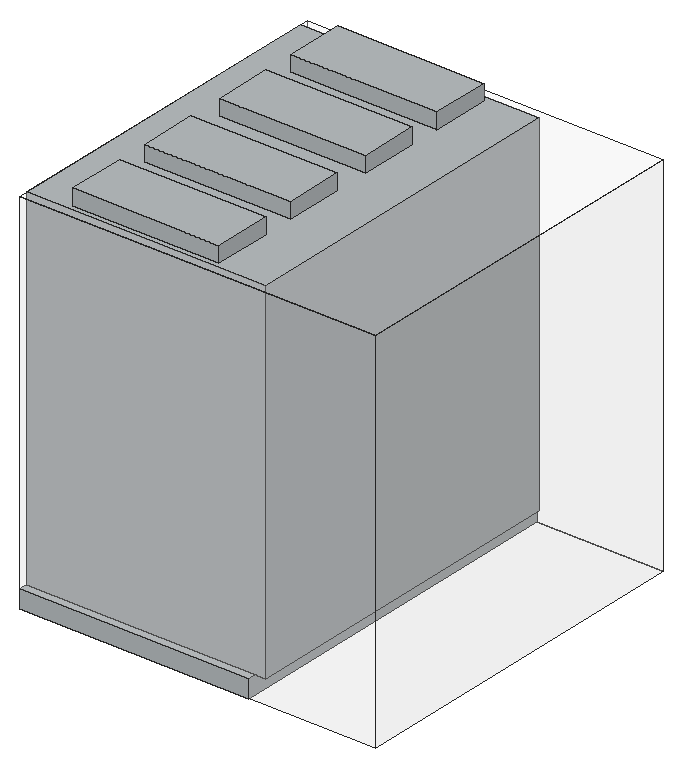
Revit family "lf-300_500x2-50_f60_50Hz", category 機械設備, Revit 2019
Family settings
  丸型コネクタ寸法 = 直径を使用
  パーツ タイプ = 標準
  OmniClass 番号 = 23.75.10.34.21
  OmniClass タイトル = Heat Exchangers for Ventilation Air
  作業面ベース = いいえ
  常に垂直 = はい
  ロード時にボイドで切り取り = いいえ
  共有 = いいえ
  部屋計算ポイント = はい
Parameters (values of type "LF-300X2-50")
  騒音レベル(dB(A)) = 51
  風量 = 3000.0 m³/h
  面風速 = 3.7 m/s
  電源種別 [instance] = ""
  電圧 = 200 V
  電動機出力 = 0 W
  集中コントローラ = ""
  運転質量 = 0.00 kg
  連動 [instance] = ""
  質量 = if(製品質量 > 運転質量, 製品質量, 運転質量) * 1.2  # 648.00 kg
  負荷分類 = 3_ファン類
  説明 = "設備用ロスナイ 床置形"
  設計風量 = 0.0 m³/h
  設置方法 = "床置形"
  記号 [instance] = ""
  製造元 = "三菱電機株式会社"
  製品質量 = 540.00 kg
  製品出荷対象 = "国内"
  製品リリース年月 = "2018/7/25"
  製品グループ = ""
  系統 [instance] = ""
  符号 = "HEU"
  積算_科目 = "1 空気調和設備"
  積算_拾い区分 [instance] = ""
  相 = 3
  盤記号 [instance] = ""
  発停方法 [instance] = ""
  特殊仕様 [instance] = ""
  火災停止 [instance] = ""
  温度交換効率 = 75.00%
  消費電力 = 2340 W
  法定耐用年数 = "15"
  機外静圧_排気 = 220.0 Pa
  機外静圧 = 220.0 Pa
  極数 = 3
  材質 [instance] = ""
  本体固定用穴ピッチ2 = 850 mm
  本体固定用穴ピッチ1 = 568 mm
  本体固定用穴_径 = 20 mm
  本体マテリアル = 溶融亜鉛めっき鋼板
  操作・制御方式 = ""
  操作・制御スイッチ = ""
  排気量 = 0.0 m³/h
  形式 = "床置形"
  幹線記号 [instance] = ""
  対象室 [instance] = ""
  実風量 = 0.0 m³/h
  始動方式 [instance] = "直入"
  外気量 = 0.0 m³/h
  呼称 = "全熱交換ユニット"
  周波数 = 50 Hz
  参照している仕様書等のバージョン = "公共建築工事標準仕様書（機械設備工事編）平成31年度版"
  初期抵抗 = 0.0 Pa
  分類コード = "50052504100050"
  分類グループ = ""
  価格 = 4576000
  企業コード = "108420"
  付属品_フィルター_還気 = ""
  付属品_フィルター = ""
  付属品 [instance] = ""
  仕様書バージョン = "Version1.0"
  モデル = "LF-300X2-50"
  メンテナンススペース = yes
  コメント [instance] = ""
  Keynote = ""
  エンタルピ交換効率_暖房 = 68.00%
  エンタルピ交換効率_冷房 = 65.00%
  Assembly Code = ""
  Width = 1220 mm
  W1 = 1170 mm
  Version = ""
  Uniclass2015Version = "Systems v1.9"
  Uniclass2015Title = "Thermal wheels"
  Uniclass2015Code = "Pr_60_60_36_88"
  URL = "https://www.mitsubishielectric.co.jp/ldg/wink/ssl/displayProduct.do?pid=294054"
  SpecificationReference = ""
  SpecificationDescription = ""
  SAサイズ_W = 748 mm
  SAサイズ_D = 298 mm
  Revision = ""
  RAサイズ_W = 748 mm
  RAサイズ_D = 298 mm
  ProductInformation = ""
  OmniClassCode = "23-27 23 19 11"
  OAサイズ_W = 748 mm
  OAサイズ_D = 298 mm
  MIN風量 = 0.0 m³/h
  MIN静圧 = 0.0 Pa
  MID風量 = 0.0 m³/h
  MID静圧 = 0.0 Pa
  MAX風量 = 3000.0 m³/h
  MAX静圧 = 220.0 Pa
  IfcTypeProduct = ""
  IfcProduct = ""
  IfcExportType = "ROTARYWHEEL"
  IfcExportAs = "IfcAirToAirHeatRecoveryType"
  Height = 1800 mm
  H1 = 90 mm
  EAサイズ_W = 748 mm
  EAサイズ_D = 298 mm
  Duct_Pitch2 = 458 mm
  Duct_Pitch1 = 479 mm
  Duct_Height = 80 mm
  Depth = 1750 mm
  D1 = 1840 mm
  Clearance Top = 0 mm
  Clearance Right = 600 mm
  Clearance Left = 0 mm
  Clearance Front = 0 mm
  Clearance Bottom = 0 mm
  Clearance Back = 0 mm
  Author = "三菱電機株式会社"
Types (6, lengths in mm): name | 騒音レベル(dB(A)) | 風量 | 面風速 | 質量 | 説明 | 製品質量 | 消費電力 | 機外静圧_排気 | 機外静圧 | 価格 | モデル | URL | MAX風量 | MAX静圧 | Height
  LF-300X2-50 | 51 | 3000.0 m³/h | 3.7 m/s | 648.00 kg | "設備用ロスナイ 床置形" | 540.00 kg | 2340 W | 220.0 Pa | 220.0 Pa | 4576000 | "LF-300X2-50" | "https://www.mitsubishielectric.co.jp/ldg/wink/ssl/displayProduct.do?pid=294054" | 3000.0 m³/h | 220.0 Pa | 1800
  LF-400X2-50 | 52.5 | 4000.0 m³/h | 4.94 m/s | 660.00 kg | "設備用ロスナイ 床置形" | 550.00 kg | 3140 W | 250.0 Pa | 250.0 Pa | 5446000 | "LF-400X2-50" | "https://www.mitsubishielectric.co.jp/ldg/wink/ssl/displayProduct.do?pid=294056" | 4000.0 m³/h | 250.0 Pa | 1800
  LF-500X2-50 | 53.5 | 5000.0 m³/h | 6.17 m/s | 744.00 kg | "設備用ロスナイ 床置形" | 620.00 kg | 3410 W | 215.0 Pa | 215.0 Pa | 6390000 | "LF-500X2-50" | "https://www.mitsubishielectric.co.jp/ldg/wink/ssl/displayProduct.do?pid=294058" | 5000.0 m³/h | 215.0 Pa | 2187
  LF-300X2-F60 | 52 | 3000.0 m³/h | 3.7 m/s | 648.00 kg | "設備用ロスナイ 床置形 インバータ端子付" | 540.00 kg | 2500 W | 320.0 Pa | 320.0 Pa | 5033000 | "LF-300X2-F60" | "https://www.mitsubishielectric.co.jp/ldg/wink/ssl/displayProduct.do?pid=294072" | 3000.0 m³/h | 320.0 Pa | 1800
  LF-400X2-F60 | 53.5 | 4000.0 m³/h | 4.94 m/s | 660.00 kg | "設備用ロスナイ 床置形 インバータ端子付" | 550.00 kg | 3000 W | 330.0 Pa | 330.0 Pa | 5992000 | "LF-400X2-F60" | "https://www.mitsubishielectric.co.jp/ldg/wink/ssl/displayProduct.do?pid=294073" | 4000.0 m³/h | 330.0 Pa | 1800
  LF-500X2-F60 | 54.5 | 5000.0 m³/h | 6.17 m/s | 744.00 kg | "設備用ロスナイ 床置形 インバータ端子付" | 620.00 kg | 3560 W | 215.0 Pa | 215.0 Pa | 7030000 | "LF-500X2-F60" | "https://www.mitsubishielectric.co.jp/ldg/wink/ssl/displayProduct.do?pid=294074" | 5000.0 m³/h | 215.0 Pa | 2187
Reference planes
  plane 1 "中心(正面/背面)": y = 0
  plane 2: z = 0
  plane 3 "中心(左/右)": x = 0
  plane 4: x = 585
  plane 5: x = 635
  plane 6: y = 875
  plane 7: y = 920
  plane 8: y = -875
  plane 9: y = -920
  plane 10: x = -585
  plane 11: x = -585
  plane 12: y = 239.5
  plane 13: y = 697.5
  plane 14: y = -239.5
  plane 15: y = -697.5
  plane 16: y = -548.5
  plane 17: y = -846.5
  plane 18: y = -90.5
  plane 19: y = -388.5
  plane 20: y = 388.5
  plane 21: y = 90.5
  plane 22: y = 846.5
  plane 23: y = 548.5
  plane 24: x = -374
  plane 25: x = 374
  plane 26: z = 90
  plane 27: z = 1890
  plane 28: z = 1970
  plane 29: y = 850
  plane 30: y = -850
  plane 31: x = -284
  plane 32: x = 284
  plane 33: x = 1235
  plane 34: x = -585
  plane 35: y = 920
  plane 36: y = -920
  plane 37: z = 1890
  plane 38: z = 0
Forms (mm)
  Extrusion 1, solid, material "溶融亜鉛めっき鋼板" <- "本体マテリアル", detail levels fine
    sketch origin (0, 0, 0) x (1, 0, 0) y (0, 1, 0)
      loop
        line (-585, 875) -> (-585, -875) -> (635, -875) -> (635, 875) -> (-585, 875)
    from 90 to 1890
  Extrusion 2, solid, material "溶融亜鉛めっき鋼板" <- "本体マテリアル", detail levels fine
    sketch origin (0, 0, 0) x (1, 0, 0) y (0, 1, 0)
      loop
        line (-585, 920) -> (-585, -920) -> (585, -920) -> (585, 920) -> (-585, 920)
    from 0 to 90
  Extrusion 3, solid, material "溶融亜鉛めっき鋼板" <- "本体マテリアル", detail levels fine
    sketch origin (0, 0, 0) x (1, 0, 0) y (0, 1, 0)
      loop
        line (-374, 846.5) -> (-374, 548.5) -> (374, 548.5) -> (374, 846.5) -> (-374, 846.5)
      loop
        line (-374, 388.5) -> (-374, 90.5) -> (374, 90.5) -> (374, 388.5) -> (-374, 388.5)
      loop
        line (-374, -388.5) -> (374, -388.5) -> (374, -90.5) -> (-374, -90.5) -> (-374, -388.5)
      loop
        line (-374, -548.5) -> (-374, -846.5) -> (374, -846.5) -> (374, -548.5) -> (-374, -548.5)
    from 1890 to 1970
Lines and regions (mm)
  Masking region 1, detail levels coarse+medium
    outline origin (1331.5, 88, 0) x (1, 0, 0) y (0, 1, 0)
      loop
        line (-1916.5, 832) -> (-1916.5, -1008) -> (-746.5, -1008) -> (-746.5, 832) -> (-1916.5, 832)
  symbolic lines, detail levels coarse+medium
    curve 1: line (0, 920, 0) -> (-585, 0, 0)
    curve 2: line (-585, 0, 0) -> (0, -920, 0)
    curve 3: line (0, -920, 0) -> (585, 0, 0)
    curve 4: line (0, 920, 0) -> (585, 0, 0)
Dimensions and locks
  equal spacing: plane 10, plane 3 "中心(左/右)", plane 4
  "W1": plane 10 to plane 4
  "Width": plane 11 to plane 5
  equal spacing: plane 7, plane 1 "中心(正面/背面)", plane 9
  "D1": plane 7 to plane 9
  equal spacing: plane 6, plane 1 "中心(正面/背面)", plane 8
  "Depth": plane 6 to plane 8
  equal spacing: plane 12, plane 1 "中心(正面/背面)", plane 14
  "Duct_Pitch1": plane 12 to plane 14
  "Duct_Pitch2": plane 13 to plane 12
  "Duct_Pitch2": plane 15 to plane 14
  equal spacing: plane 16, plane 15, plane 17
  "SAサイズ_D": plane 16 to plane 17
  equal spacing: plane 19, plane 14, plane 18
  "RAサイズ_D": plane 19 to plane 18
  equal spacing: plane 21, plane 12, plane 20
  "OAサイズ_D": plane 21 to plane 20
  equal spacing: plane 23, plane 13, plane 22
  "EAサイズ_D": plane 23 to plane 22
  equal spacing: plane 24, plane 3 "中心(左/右)", plane 25
  "SAサイズ_W": plane 24 to plane 25
  locked: plane 11 to plane 10 at 0
  "H1": plane 26 to level
  "Height": plane 27 to plane 26
  "Duct_Height": plane 28 to plane 27
  "本体固定用穴ピッチ2": plane 1 "中心(正面/背面)" to plane 29
  "本体固定用穴ピッチ2": plane 30 to plane 1 "中心(正面/背面)"
  equal spacing: plane 31, plane 3 "中心(左/右)", plane 32
  "本体固定用穴ピッチ1": plane 31 to plane 32
  "Clearance Right": plane 5 to plane 33
  "Clearance Left": plane 34 to plane 11
  "Clearance Top": plane 37 to plane 27
  "Clearance Bottom": level to plane 38
  "Clearance Front": plane 9 to plane 36
  "Clearance Back": plane 35 to plane 7
  aligned and locked: level to plane 2
  aligned and locked: Extrusion 1 sketch curve to plane 6
  aligned and locked: plane 10 to Extrusion 1 sketch curve
  aligned and locked: Extrusion 1 sketch curve to plane 8
  aligned and locked: Extrusion 2 sketch curve to plane 7
  aligned and locked: plane 11 to Extrusion 2 sketch curve
  aligned and locked: Extrusion 2 sketch curve to plane 9
  aligned and locked: Extrusion 3 sketch curve to plane 22
  aligned and locked: plane 24 to Extrusion 3 sketch curve  (x3)
  aligned and locked: Extrusion 3 sketch curve to plane 23
  aligned and locked: plane 25 to Extrusion 3 sketch curve  (x3)
  aligned and locked: Extrusion 3 sketch curve to plane 20
  aligned and locked: Extrusion 3 sketch curve to plane 21
  aligned and locked: plane 19 to Extrusion 3 sketch curve
  aligned and locked: Extrusion 3 sketch curve to plane 24
  aligned and locked: plane 18 to Extrusion 3 sketch curve
  aligned and locked: Extrusion 3 sketch curve to plane 25
  aligned and locked: Extrusion 3 sketch curve to plane 16
  aligned and locked: Extrusion 3 sketch curve to plane 17
  aligned and locked: plane 9 to Masking region 1
  aligned and locked: Masking region 1 to plane 11
  aligned and locked: plane 7 to Masking region 1
  aligned and locked: Masking region 1 to curve 1
  aligned and locked: Masking region 1 to curve 2
  aligned and locked: plane 26 to Extrusion 2
  aligned and locked: plane 27 to Extrusion 1
  aligned and locked: Extrusion 1 to plane 26
  aligned and locked: plane 28 to Extrusion 3
  aligned and locked: Extrusion 3 to plane 27
  aligned and locked: plane 33 to nested 1
  aligned and locked: nested 1 to plane 35
  aligned and locked: nested 1 to plane 37
  aligned and locked: nested 1 to plane 38
  aligned and locked: plane 9 to curve 2
  aligned and locked: plane 3 "中心(左/右)" to curve 3
  aligned and locked: plane 4 to curve 3
  aligned and locked: plane 3 "中心(左/右)" to curve 4
  aligned and locked: plane 1 "中心(正面/背面)" to curve 4
  aligned and locked: plane 30 to nested 2
  aligned and locked: plane 31 to nested 2
  aligned and locked: nested 2 to plane 32
  aligned and locked: plane 31 to nested 3
  aligned and locked: nested 3 to plane 32
  aligned and locked: plane 1 "中心(正面/背面)" to nested 3
  aligned and locked: plane 31 to nested 4
  aligned and locked: nested 4 to plane 32
  aligned and locked: nested 4 to plane 29
  aligned and locked: nested 1 to plane 34
  aligned and locked: Masking region 1 to plane 4
  aligned and locked: plane 4 to Extrusion 2 sketch curve
  aligned and locked: plane 5 to Extrusion 1 sketch curve
  aligned and locked: nested 5 to plane 3 "中心(左/右)"
  aligned and locked: nested 5 to plane 29
  aligned and locked: plane 30 to nested 5
  aligned and locked: nested 1 to plane 36
Automatic sketch dimensions
  plane 9 to Masking region 1 sketch curve = 0 mm
  Masking region 1 sketch curve to plane 10 = 0 mm
  plane 5 to Masking region 1 sketch curve = 50 mm
  Masking region 1 sketch curve to plane 7 = 0 mm
  plane 1 "中心(正面/背面)" to curve 1 = 0 mm
  curve 1 to plane 10 = 0 mm
  curve 4 to plane 7 = 0 mm
Nested families
  nested 1: "メンテナンススペース" at (325, 0, 945), visible <- "メンテナンススペース", type "メンテナンススペース"
    with Width 1820 mm, Height 1890 mm, Depth 1840 mm
  nested 2: "固定点" at (-284, -850, 0), type "固定点"
    with W 568 mm, D 1000 mm
  nested 3: "固定点" at (-284, 0, 0), type "固定点"
    with W 568 mm, D 1000 mm
  nested 4: "固定点" at (-284, 850, 0), type "固定点"
    with W 568 mm, D 1000 mm
  nested 5: "固定点" at (0, 850, 0) x (0, -1, 0) z (0, 0, 1), type "固定点"
    with W 1700 mm, D 1000 mm
Connectors
  hvac at (0, -697.5, 1970), driven by "SAサイズ_D", driven by "SAサイズ_W", driven by "機外静圧", driven by "風量"
    settings: on Extrusion 3, index 1, duct flow 3000.0 m³/h, flow factor 0, pres drop 220.0 Pa, loss coef 0, conn angle 0.00°, conn width 748 mm, conn height 298 mm, conn diameter 609.6 mm, duct sys type 1, conn prof type 1, flow config 0, flow direction 2, loss method 4, conn ref index -1, conn util no, is conn primary yes, conn desc ""
  hvac at (0, -239.5, 1970), driven by "RAサイズ_D", driven by "RAサイズ_W", driven by "機外静圧", driven by "風量"
    settings: on Extrusion 3, index 2, duct flow 3000.0 m³/h, flow factor 0, pres drop 220.0 Pa, loss coef 0, conn angle 0.00°, conn width 748 mm, conn height 298 mm, conn diameter 609.6 mm, duct sys type 2, conn prof type 1, flow config 0, flow direction 1, loss method 4, conn ref index -1, conn util no, is conn primary no, conn desc ""
  hvac at (0, 239.5, 1970), driven by "OAサイズ_D", driven by "OAサイズ_W", driven by "機外静圧", driven by "外気量"
    settings: on Extrusion 3, index 3, duct flow 0.0 m³/h, flow factor 0, pres drop 220.0 Pa, loss coef 0, conn angle 0.00°, conn width 748 mm, conn height 298 mm, conn diameter 609.6 mm, duct sys type 4, conn prof type 1, flow config 0, flow direction 1, loss method 4, conn ref index -1, conn util no, is conn primary no, conn desc ""
  hvac at (0, 697.5, 1970), driven by "EAサイズ_D", driven by "EAサイズ_W", driven by "機外静圧_排気", driven by "排気量"
    settings: on Extrusion 3, index 4, duct flow 0.0 m³/h, flow factor 0, pres drop 220.0 Pa, loss coef 0, conn angle 0.00°, conn width 748 mm, conn height 298 mm, conn diameter 609.6 mm, duct sys type 3, conn prof type 1, flow config 0, flow direction 2, loss method 4, conn ref index -1, conn util no, is conn primary no, conn desc ""
  electrical at (635, 0, 990), driven by "極数", driven by "負荷分類", driven by "電圧", driven by "消費電力"
    settings: on Extrusion 1, index 5, voltage 200 V, apparent load 2340 VA, apparent load phase1 0 VA, apparent load phase2 0 VA, apparent load phase3 0 VA, power factor 1, load classification "3_ファン類", number of poles 3, system type 30, power factor state 1, is connector primary yes, connector utility no, sub classification motor no, connector description ""
Definition of nested family "メンテナンススペース"
  Parameters (values of type "メンテナンススペース")
    Width [instance] = 500 mm
    Height [instance] = 500 mm
    Depth [instance] = 500 mm
  Reference planes
    plane 1 "中心(正面/背面)": y = 0
    plane 2: z = 0
    plane 3 "中心(左/右)": x = 0
    plane 4: y = -250
    plane 5: x = 250
    plane 6: y = 250
    plane 7: x = -250
    plane 8: z = 250
    plane 9: z = -250
  Forms (mm)
    Extrusion 1, solid
      sketch origin (-638.939, 0, 72.39) x (1, 0, 0) y (0, 1, 0)
        loop
          line (388.939, 250) -> (388.939, -250) -> (888.939, -250) -> (888.939, 250) -> (388.939, 250)
      from -322.39 to 177.61
  Lines and regions (mm)
    symbolic lines
      curve 1: line (-250, 0, 250) -> (250, 0, 250)
      curve 2: line (-250, 0, -250) -> (-250, 0, 250)
      curve 3: line (250, 0, -250) -> (-250, 0, -250)
      curve 4: line (250, 0, 250) -> (250, 0, -250)
      curve 5: line (0, -250, 250) -> (0, 250, 250)
      curve 6: line (0, -250, -250) -> (0, -250, 250)
      curve 7: line (0, 250, -250) -> (0, -250, -250)
      curve 8: line (0, 250, 250) -> (0, 250, -250)
      curve 9: line (-250, 250, 0) -> (250, 250, 0)
      curve 10: line (-250, -250, 0) -> (-250, 250, 0)
      curve 11: line (250, -250, 0) -> (-250, -250, 0)
      curve 12: line (250, 250, 0) -> (250, -250, 0)
  Dimensions and locks
    equal spacing: plane 7, plane 3 "中心(左/右)", plane 5
    equal spacing: plane 4, plane 1 "中心(正面/背面)", plane 6
    "Depth": plane 4 to plane 6
    "Width": plane 7 to plane 5
    equal spacing: plane 8, plane 2, plane 9
    "Height": plane 8 to plane 9
    aligned and locked: plane 9 to curve 3
    aligned and locked: plane 7 to curve 2
    aligned and locked: curve 4 to plane 5
    aligned and locked: plane 5 to Extrusion 1
    aligned and locked: Extrusion 1 to plane 7
    aligned and locked: Extrusion 1 to plane 9
    aligned and locked: plane 8 to Extrusion 1
    aligned and locked: plane 9 to curve 7
  Automatic sketch dimensions
    plane 4 to Extrusion 1 sketch curve = 0 mm
    Extrusion 1 sketch curve to plane 7 = 0 mm
    Extrusion 1 sketch curve to plane 5 = 0 mm
    plane 6 to Extrusion 1 sketch curve = 0 mm
    curve 2 to plane 8 = 0 mm
    plane 4 to curve 11 = 0 mm
    curve 11 to plane 7 = 0 mm
    curve 11 to plane 5 = 0 mm
    plane 6 to curve 10 = 0 mm
    curve 7 to plane 4 = 0 mm
    curve 7 to plane 6 = 0 mm
    curve 6 to plane 8 = 0 mm
Definition of nested family "固定点"
  Parameters (values of type "固定点")
    中心円 = 20 mm
    W [instance] = 1000 mm
    D [instance] = 1000 mm
  Reference planes
    plane 1 "中心(正面/背面)": y = 0
    plane 2: z = 0
    plane 3 "中心(左/右)": x = 0
    plane 4: x = 1000
  Lines and regions (mm)
    symbolic lines, detail levels fine
      curve 1: circle (0, 0, 0) r 10 normal (0, 0, 1)
      curve 2: circle (1000, 0, 0) r 10 normal (0, 0, 1)
      curve 3: line (-200, 0, 0) -> (1200, 0, 0)
      curve 4: line (0, 200, 0) -> (0, -200, 0)
      curve 5: line (1000, 200, 0) -> (1000, -200, 0)
  Dimensions and locks
    "W": plane 3 "中心(左/右)" to plane 4
    "中心円": diameter of curve 1
    "中心円": diameter of curve 2
    aligned and locked: level to plane 2
    aligned and locked: plane 3 "中心(左/右)" to curve 1
    aligned and locked: plane 1 "中心(正面/背面)" to curve 1
    aligned and locked: plane 1 "中心(正面/背面)" to curve 2
    aligned and locked: plane 4 to curve 2
    aligned and locked: plane 1 "中心(正面/背面)" to curve 3
    aligned and locked: curve 4 to plane 3 "中心(左/右)"
    aligned and locked: curve 5 to plane 4
  Automatic sketch dimensions
    curve 3 to plane 3 "中心(左/右)" = 200 mm
    curve 2 to curve 3 = 200 mm
    plane 1 "中心(正面/背面)" to curve 4 = 200 mm
    plane 1 "中心(正面/背面)" to curve 5 = 200 mm
    curve 5 to plane 1 "中心(正面/背面)" = 200 mm
    curve 4 to plane 1 "中心(正面/背面)" = 200 mm
